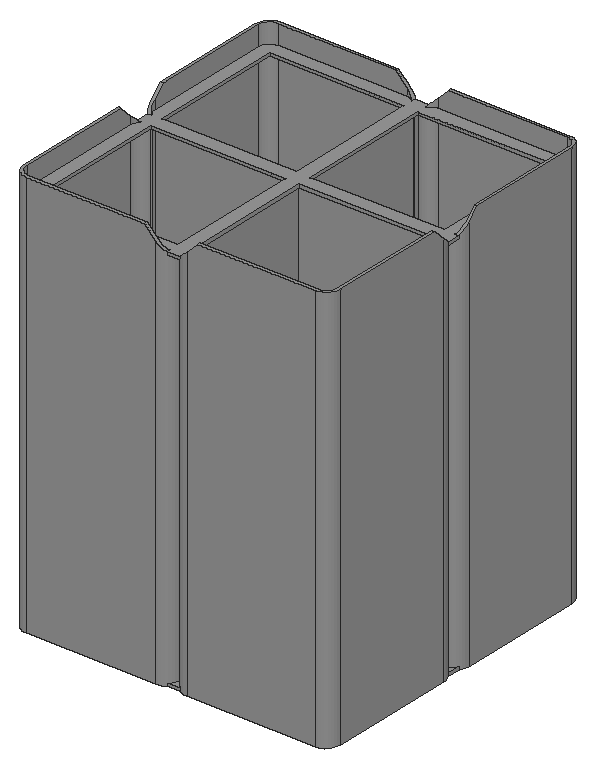
Revit family "Урна для раздельного сбора мусора «Бранч» Арт 14038", category Антураж, Revit 2018
Family settings
  На основе рабочей плоскости = Нет
  Всегда вертикально = Да
  При загрузке вырезать с полостями = Нет
  Источник визуального образа = Геометрия семейства
  Общий = Нет
  Точка расчета площади = Нет
Parameters (values of type "Урна «Бранч»")
  Ширина = 570 mm  # constant formula
  Цвет каркаса = Сталь
  Описание = "Урна для раздельного сбора мусора «Бранч»"  # constant formula
  Материал изделия = "Сталь"  # constant formula
  Изображение типоразмера = Урна для раздельного сбора мусора «Бранч» Арт 14038.jpg
  Изготовитель = "ООО «Хоббика»"  # constant formula
  Длина = 570 mm  # constant formula
  Группа модели = "Уличные урны"  # constant formula
  Высота = 735 mm  # constant formula
  Артикул товара = "Арт. 14038"  # constant formula
  URL = "https://hobbyka.ru/product/urna_dlya_razdelnogo_sbora_musora_branch/"
Reference planes
  plane 1 "По центру (Вперед/Назад)": y = 0
  plane 2: z = 0
  plane 3 "По центру (Влево/Вправо)": x = 0
  plane 4: y = 570
  plane 5: x = 570
  plane 6: z = 735
Forms (mm)
  Extrusion 1, solid, material "Сталь" <- "Цвет каркаса"
    sketch origin (0, 0, 0) x (1, 0, 0) y (0, 1, 0)
      loop
        arc (25, 570) -> (7.322, 562.678) -> (0, 545) r 25
        line (0, 545) -> (0, 312.5)
        arc (0, 312.5) -> (7.322, 294.822) -> (25, 287.5) r 25
        line (25, 287.5) -> (25, 282.5)
        arc (25, 282.5) -> (7.322, 275.178) -> (0, 257.5) r 25
        line (0, 257.5) -> (0, 25)
        arc (0, 25) -> (7.322, 7.322) -> (25, 0) r 25
        line (25, 0) -> (257.5, 0)
        arc (257.5, 0) -> (275.178, 7.322) -> (282.5, 25) r 25
        line (282.5, 25) -> (287.5, 25)
        arc (287.5, 25) -> (294.822, 7.322) -> (312.5, 0) r 25
        line (312.5, 0) -> (545, 0)
        arc (545, 0) -> (562.678, 7.322) -> (570, 25) r 25
        line (570, 25) -> (570, 257.5)
        arc (570, 257.5) -> (562.678, 275.178) -> (545, 282.5) r 25
        line (545, 282.5) -> (545, 287.5)
        arc (545, 287.5) -> (562.678, 294.822) -> (570, 312.5) r 25
        line (570, 312.5) -> (570, 545)
        arc (570, 545) -> (562.678, 562.678) -> (545, 570) r 25
        line (545, 570) -> (312.5, 570)
        arc (312.5, 570) -> (294.822, 562.678) -> (287.5, 545) r 25
        line (287.5, 545) -> (282.5, 545)
        arc (282.5, 545) -> (275.178, 562.678) -> (257.5, 570) r 25
        line (257.5, 570) -> (25, 570)
      loop
        arc (25, 565) -> (10.858, 559.142) -> (5, 545) r 20
        line (5, 545) -> (5, 312.5)
        arc (5, 312.5) -> (10.858, 298.358) -> (25, 292.5) r 20
        line (25, 292.5) -> (30, 292.5) -> (30, 277.5) -> (25, 277.5)
        arc (25, 277.5) -> (10.858, 271.642) -> (5, 257.5) r 20
        line (5, 257.5) -> (5, 25)
        arc (5, 25) -> (10.858, 10.858) -> (25, 5) r 20
        line (25, 5) -> (257.5, 5)
        arc (257.5, 5) -> (271.642, 10.858) -> (277.5, 25) r 20
        line (277.5, 25) -> (277.5, 30) -> (292.5, 30) -> (292.5, 25)
        arc (292.5, 25) -> (298.358, 10.858) -> (312.5, 5) r 20
        line (312.5, 5) -> (545, 5)
        arc (545, 5) -> (559.142, 10.858) -> (565, 25) r 20
        line (565, 25) -> (565, 257.5)
        arc (565, 257.5) -> (559.142, 271.642) -> (545, 277.5) r 20
        line (545, 277.5) -> (540, 277.5) -> (540, 292.5) -> (545, 292.5)
        arc (545, 292.5) -> (559.142, 298.358) -> (565, 312.5) r 20
        line (565, 312.5) -> (565, 545)
        arc (565, 545) -> (559.142, 559.142) -> (545, 565) r 20
        line (545, 565) -> (312.5, 565)
        arc (312.5, 565) -> (298.358, 559.142) -> (292.5, 545) r 20
        line (292.5, 545) -> (292.5, 540) -> (277.5, 540) -> (277.5, 545)
        arc (277.5, 545) -> (271.642, 559.142) -> (257.5, 565) r 20
        line (257.5, 565) -> (25, 565)
    from 0 to 735
  Extrusion 2, solid, material "Сталь" <- "Цвет каркаса"
    sketch origin (0, 0, 0) x (1, 0, 0) y (0, 1, 0)
      loop
        arc (25, 565) -> (10.858, 559.142) -> (5, 545) r 20
        line (5, 545) -> (5, 25)
        arc (5, 25) -> (10.858, 10.858) -> (25, 5) r 20
        line (25, 5) -> (545, 5)
        arc (545, 5) -> (559.142, 10.858) -> (565, 25) r 20
        line (565, 25) -> (565, 545)
        arc (565, 545) -> (559.142, 559.142) -> (545, 565) r 20
        line (545, 565) -> (25, 565)
    from 0 to 5
  Extrusion 3, solid, material "Сталь" <- "Цвет каркаса"
    sketch origin (0, 0, 0) x (1, 0, 0) y (0, 1, 0)
      loop
        line (282.5, 540) -> (282.5, 287.5) -> (30, 287.5) -> (30, 282.5) -> (282.5, 282.5) -> (282.5, 30) -> (287.5, 30) -> (287.5, 282.5) -> (540, 282.5) -> (540, 287.5) -> (287.5, 287.5) -> (287.5, 540) -> (282.5, 540)
    from 0 to 695
  Extrusion 4, solid, material "Сталь" <- "Цвет каркаса"
    sketch origin (0, 0, 0) x (1, 0, 0) y (0, 1, 0)
      loop
        arc (25, 565) -> (10.858, 559.142) -> (5, 545) r 20
        line (5, 545) -> (5, 25)
        arc (5, 25) -> (10.858, 10.858) -> (25, 5) r 20
        line (25, 5) -> (545, 5)
        arc (545, 5) -> (559.142, 10.858) -> (565, 25) r 20
        line (565, 25) -> (565, 545)
        arc (565, 545) -> (559.142, 559.142) -> (545, 565) r 20
        line (545, 565) -> (25, 565)
      loop
        line (30, 540) -> (30, 297.5) -> (272.5, 297.5) -> (272.5, 540) -> (30, 540)
      loop
        line (540, 540) -> (297.5, 540) -> (297.5, 297.5) -> (540, 297.5) -> (540, 540)
      loop
        line (540, 30) -> (540, 272.5) -> (297.5, 272.5) -> (297.5, 30) -> (540, 30)
      loop
        line (30, 30) -> (272.5, 30) -> (272.5, 272.5) -> (30, 272.5) -> (30, 30)
    from 695 to 700
  Extrusion 5, void
    sketch origin (0, 0, 0) x (0, 1, 0) y (0, 0, 1)
      loop
        line (272.5, 700) -> (297.5, 700) -> (332.5, 735) -> (237.5, 735) -> (272.5, 700)
    from 0 to 570
  Extrusion 6, void
    sketch origin (0, 570, 0) x (1, 0, 0) y (0, 0, 1)
      loop
        line (272.5, 700) -> (297.5, 700) -> (332.5, 735) -> (237.5, 735) -> (272.5, 700)
    from 0 to 570
Cuts and joins
  Extrusion 5, Extrusion 6 cuts Extrusion 1
  Extrusion 5, Extrusion 6 cuts Extrusion 4
  joined: Extrusion 1, Extrusion 4
Dimensions and locks
  "Ширина": plane 4 to plane 1 "По центру (Вперед/Назад)"
  "Длина": plane 3 "По центру (Влево/Вправо)" to plane 5
  "Высота": plane 6 to level
  aligned and locked: level to plane 2
Automatic sketch dimensions
  plane 3 "По центру (Влево/Вправо)" to Extrusion 2 sketch curve = 5 mm
  Extrusion 2 sketch curve to Extrusion 2 sketch curve = 20 mm  (x2)
  Extrusion 2 sketch curve to plane 4 = 5 mm
  Extrusion 2 sketch curve to plane 5 = 25 mm  (x2)
  Extrusion 2 sketch curve to plane 5 = 5 mm
  Extrusion 2 sketch curve to plane 1 "По центру (Вперед/Назад)" = 25 mm
  plane 3 "По центру (Влево/Вправо)" to Extrusion 4 sketch curve = 5 mm
  Extrusion 4 sketch curve to Extrusion 4 sketch curve = 20 mm
  Extrusion 4 sketch curve to plane 5 = 5 mm
  Extrusion 4 sketch curve to plane 1 "По центру (Вперед/Назад)" = 5 mm
  Extrusion 4 sketch curve to plane 4 = 25 mm
  Extrusion 4 sketch curve to Extrusion 4 sketch curve = 5 mm  (x7)
  Extrusion 4 sketch curve to Extrusion 4 sketch curve = 242.5 mm  (x2)
  Extrusion 4 sketch curve to Extrusion 4 sketch curve = 25 mm  (x4)
  plane 3 "По центру (Влево/Вправо)" to Extrusion 4 sketch curve = 25 mm
  Extrusion 4 sketch curve to Extrusion 4 sketch curve = 0 mm  (x5)
  Extrusion 1 sketch curve to Extrusion 1 sketch curve = 0 mm  (x24)
  Extrusion 1 sketch curve to plane 3 "По центру (Влево/Вправо)" = 0 mm  (x2)
  Extrusion 1 sketch curve to plane 4 = 0 mm  (x2)
  plane 1 "По центру (Вперед/Назад)" to Extrusion 1 sketch curve = 0 mm  (x2)
  Extrusion 1 sketch curve to plane 5 = 0 mm  (x2)
  Extrusion 1 sketch curve to Extrusion 1 sketch curve = 5 mm  (x11)
  plane 3 "По центру (Влево/Вправо)" to Extrusion 1 sketch curve = 5 mm
  Extrusion 1 sketch curve to Extrusion 1 sketch curve = 20 mm  (x6)
  Extrusion 1 sketch curve to Extrusion 1 sketch curve = 232.5 mm  (x4)
  Extrusion 1 sketch curve to plane 4 = 25 mm
  Extrusion 1 sketch curve to plane 5 = 30 mm
  plane 3 "По центру (Влево/Вправо)" to Extrusion 3 sketch curve = 30 mm
  Extrusion 3 sketch curve to Extrusion 3 sketch curve = 252.5 mm  (x2)
  Extrusion 3 sketch curve to Extrusion 3 sketch curve = 0 mm  (x3)
  Extrusion 3 sketch curve to Extrusion 3 sketch curve = 5 mm  (x3)
  Extrusion 3 sketch curve to plane 5 = 30 mm
  Extrusion 3 sketch curve to plane 1 "По центру (Вперед/Назад)" = 30 mm
  Extrusion 3 sketch curve to plane 4 = 30 mm
  Extrusion 5 sketch curve to plane 6 = 0 mm
  Extrusion 5 sketch curve to plane 1 "По центру (Вперед/Назад)" = 237.5 mm
  Extrusion 5 sketch curve to Extrusion 5 sketch curve = 95 mm
  Extrusion 5 sketch curve to Extrusion 5 sketch curve = 35 mm
  Extrusion 5 sketch curve to Extrusion 5 sketch curve = 25 mm
  Extrusion 5 sketch curve to plane 6 = 35 mm
  Extrusion 6 sketch curve to plane 6 = 0 mm
  plane 3 "По центру (Влево/Вправо)" to Extrusion 6 sketch curve = 237.5 mm
  Extrusion 6 sketch curve to Extrusion 6 sketch curve = 35 mm  (x2)
  Extrusion 6 sketch curve to Extrusion 6 sketch curve = 25 mm
  Extrusion 6 sketch curve to plane 6 = 35 mm
